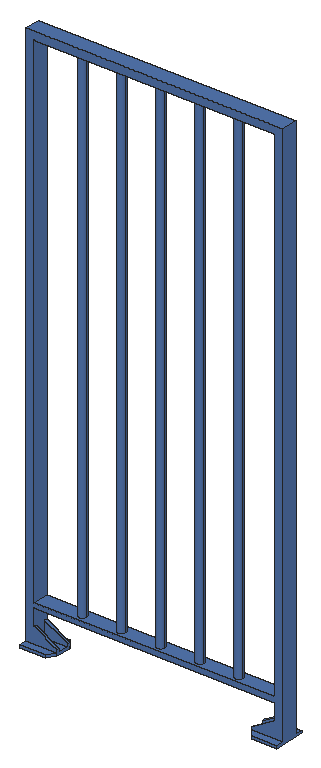
Revit family "Ограждение MB-16", category Generic Models, Revit 2019
Family settings
  Can host rebar = No
  Round Connector Dimension = Use Diameter
  Part Type = Normal
  Work Plane-Based = No
  Always vertical = Yes
  Cut with Voids When Loaded = No
  Shared = No
  Room Calculation Point = No
Parameters
  Weight = "31 kg"
  Unit of measurement = "pcs"
  URL = "https://www.perco.com/products/mb-16-full-height-railing.php"
  Operating temperature = "from -40°C to +55°C"
  Number = 1
  Name = "MB-16 Fencing"
  Material = Steel painted RAL 5010
  Manufacturer = "PERCo"
  Full name = "MB-16 Full height fence"
  Dimensions = "1000х120х2093 mm"
Reference planes
  plane 1 "По центру (Вперед/Назад)": y = 0
  plane 2: z = 0
  plane 3 "По центру (Влево/Вправо)": x = 0
  plane 4: y = 60
  plane 5: y = -60
  plane 6: x = 500
  plane 7: x = -500
Forms (mm)
  Extrusion 1, solid, material "Steel painted RAL 5010"
    sketch origin (0, 0, 0) x (1, 0, 0) y (0, 1, 0)
      loop
        line (-500, 30) -> (-500, -30) -> (500, -30) -> (500, 30) -> (-500, 30)
    from 2120 to 2150
  Extrusion 2, solid, material "Steel painted RAL 5010"
    sketch origin (0, 0, 0) x (1, 0, 0) y (0, 1, 0)
      loop
        line (-470, 30) -> (-470, -30) -> (470, -30) -> (470, 30) -> (-470, 30)
    from 135 to 155
  Extrusion 3, solid, material "Steel painted RAL 5010"
    sketch origin (0, 0, 0) x (1, 0, 0) y (0, 1, 0)
      loop
        line (-500, 30) -> (-500, -30) -> (-470, -30) -> (-470, 30) -> (-500, 30)
      loop
        line (500, 30) -> (470, 30) -> (470, -30) -> (500, -30) -> (500, 30)
    from 10 to 2120
  Extrusion 4, solid, material "Steel painted RAL 5010"
    sketch origin (0, 0, 0) x (1, 0, 0) y (0, 1, 0)
      loop
        line (-500, 0) -> (-500, -60) -> (-401.006, -60) -> (-380, -30) -> (-380, 30) -> (-401.006, 60) -> (-500, 60) -> (-500, 0)
      loop
        line (500, 0) -> (500, 60) -> (401.006, 60) -> (380, 30) -> (380, -30) -> (401.006, -60) -> (500, -60) -> (500, 0)
    from 0 to 10
  Extrusion 5, solid, material "Steel painted RAL 5010"
    sketch origin (-90, 0, 0) x (1, 0, 0) y (0, 0, 1)
      loop
        line (-290, 10) -> (-290, 20) -> (-380, 71.962) -> (-380, 10) -> (-290, 10)
    from -30 to -20
  Extrusion 6, solid, material "Steel painted RAL 5010"
    sketch origin (-90, 0, 0) x (1, 0, 0) y (0, 0, 1)
      loop
        line (-290, 10) -> (-290, 20) -> (-380, 71.962) -> (-380, 10) -> (-290, 10)
    from 30 to 20
  Extrusion 7, solid, material "Steel painted RAL 5010"
    sketch origin (90, 0, 0) x (-1, 0, 0) y (0, 0, -1)
      loop
        line (-290, -10) -> (-380, -10) -> (-380, -71.962) -> (-290, -20) -> (-290, -10)
    from -30 to -20
  Extrusion 8, solid, material "Steel painted RAL 5010"
    sketch origin (90, 0, 0) x (-1, 0, 0) y (0, 0, -1)
      loop
        line (-290, -10) -> (-380, -10) -> (-380, -71.962) -> (-290, -20) -> (-290, -10)
    from 30 to 20
  Extrusion 9, solid, material "Steel painted RAL 5010"
    sketch origin (0, 0, 0) x (1, 0, 0) y (0, 1, 0)
      loop
        circle (0, 0) r 15
      loop
        circle (-152.5, 0) r 15
      loop
        circle (-305, 0) r 15
      loop
        circle (152.5, 0) r 15
      loop
        circle (305, 0) r 15
    from 155 to 2120
Cuts and joins
  joined: Extrusion 1, Extrusion 2, Extrusion 3, Extrusion 4, Extrusion 5, Extrusion 6, Extrusion 7, Extrusion 8, Extrusion 9
Dimensions and locks
  cut or joined group 1 (Extrusion 1, Extrusion 2, Extrusion 3, Extrusion 4, Extrusion 5, Extrusion 6, Extrusion 7, Extrusion 8, Extrusion 9) to cut or joined group 1 = 1000 mm
  aligned and locked: level to plane 2
